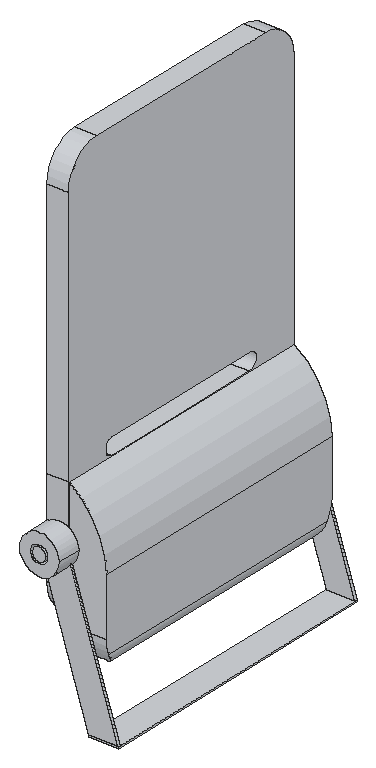
Revit family "2824069", category Generic Models, host Face, Revit 2018
Family settings
  Host = Face
  Can host rebar = No
  Round Connector Dimension = Use Diameter
  Part Type = Normal
  OmniClass Number = 23.80.70.00
  OmniClass Title = Lighting
  Cut with Voids When Loaded = No
  Shared = No
  Room Calculation Point = No
Parameters (values of type "Type Name")
  rotation axis = 142.4 mm
  bracket width = 288 mm
  URL = "http://www.sylvania-lighting.com"
  Type Image = <None>
  Type Comments = "n/a"
  Material_3_SYL = none
  Model = ""
  Manufacturer = "Feilo Sylvania"
  Keynote = ""
  Material_2_SYL = none
  Height = 157.859 mm
  Description = ""
  Default Elevation = 1219.2 mm
  Cost = 0
  Material_1_SYL = none
  Bracket Height = 195 mm
  Assembly Code = ""
  Material_4_SYL = none
Reference planes
  plane 1 "Center (Front/Back)": y = 0
  plane 2: z = 0
  plane 3 "Center (Left/Right)": x = 0
  plane 4: x = -16.5
  plane 5: x = 16.5
  plane 6: z = 155
  plane 7: x = -51.5
  plane 8: z = 137
  plane 9 "Rotation Axis": z = 142.4
  plane 10: z = 152.35
  plane 11: z = 195
  plane 12: x = -73.847
  plane 13: y = -187
  plane 14: y = 187
  plane 15: y = -160
  plane 16: y = 169
  plane 17: y = -169
  plane 18: through (-72.693, -4572, 174.07) normal (-0.3105, 0, 0.9506)
  plane 19: through (-63.557, -4572, 193.954) normal (0.9506, 0, 0.3105)
  plane 20: y = 162
  plane 21: z = 65
Forms (mm)
  Extrusion 1, solid, detail levels medium+fine
    sketch origin (0, 0, 0) x (1, 0, 0) y (0, 1, 0)
      loop
        line (-16.5, 169) -> (-16.5, -169) -> (16.5, -169) -> (16.5, 169) -> (-16.5, 169)
    from 0 to 2
  Extrusion 2, solid, detail levels medium+fine
    sketch origin (1524, -349.9, 1220.035) x (1, 0, 0) y (0, 0, 1)
      loop
        line (-1540.496, -1218.035) -> (-1507.966, -1218.035) -> (-1567.674, -1035.217)
        arc (-1567.674, -1035.217) -> (-1587.557, -1026.081) -> (-1596.693, -1045.965) r 15.473
        line (-1596.693, -1045.965) -> (-1540.496, -1218.035)
    from -180.9 to -182.9
  Extrusion 3, solid, detail levels medium+fine
    sketch origin (0, 0, 0.069) x (1, 0, 0) y (0, 0, 1)
      loop
        line (-16.39, 1.931) -> (16.139, 1.931) -> (-43.636, 184.958)
        arc (-43.636, 184.958) -> (-63.457, 193.922) -> (-72.656, 174.21) r 15.474
        line (-72.656, 174.21) -> (-16.39, 1.931)
    from -169 to -167
  Extrusion 4, solid, detail levels medium+fine
    sketch origin (-6.388, 0, 36.204) x (1, 0, 0) y (0, 0, 1)
      loop
        circle (-51.99, 142.374) r 22.5
    from -162 to -187
  Extrusion 5, solid, detail levels medium+fine
    sketch origin (-6.358, 0, 36.195) x (1, 0, 0) y (0, 0, 1)
      loop
        circle (-51.99, 142.374) r 22.5
    from 160 to 187
  Extrusion 6, void
    sketch origin (-6.256, 0, 44.074) x (1, 0, 0) y (0, 0, 1)
      loop
        circle (-52.373, 134.652) r 10
    from 169 to 187
  Extrusion 7, solid, detail levels fine
    sketch origin (-6.561, 0, 36.201) x (1, 0, 0) y (0, 0, 1)
      loop
        circle (-51.99, 142.374) r 7.5
    from 169 to 187
  Extrusion 8, void
    sketch origin (1517.357, -324.9, 1255.472) x (1, 0, 0) y (0, 0, 1)
      loop
        circle (-1575.99, -1076.826) r 10
    from -511.9 to -493.9
  Extrusion 9, solid, detail levels fine
    sketch origin (1517.42, -324.9, 1255.374) x (1, 0, 0) y (0, 0, 1)
      loop
        circle (-1575.99, -1076.826) r 7.5
    from -511.9 to -493.9
  Revolve 10, solid, not visible, detail levels coarse
    sketch origin (-58.257, 1528.788, 1255.151) x (0, 1, 0) y (0, 0, 1)
      loop
        line (-1362.428, -1054.349) -> (-1379.437, -1054.349) -> (-1379.437, -1074.349) -> (-1362.428, -1074.349) -> (-1362.428, -1054.349)
      axis (-1362.428, -1076.8) -> (-1379.437, -1076.8)
    angle from 0 to 180
Cuts and joins
  Extrusion 6 cuts Extrusion 5
  Extrusion 8 cuts Extrusion 4
Dimensions and locks
  "Bracket Height": plane 11 to level
  plane 17 to plane 16 = 338 mm
  equal spacing: plane 17, plane 1 "Center (Front/Back)", plane 16
  plane 13 to cut or joined group of Extrusion 5, Extrusion 6 = 18 mm
  aligned and locked: plane 2 to host face
  aligned and locked: level to host face
Automatic sketch dimensions
  host sketch curve to host sketch curve = 2438.4 mm  (x2)
  Extrusion 1 sketch curve to plane 4 = 0 mm
  Extrusion 1 sketch curve to plane 5 = 0 mm
  Extrusion 4 sketch curve to plane 9 "Rotation Axis" = 36.178 mm
  Extrusion 5 sketch curve to plane 9 "Rotation Axis" = 36.169 mm
  Extrusion 6 sketch curve to plane 9 "Rotation Axis" = 36.326 mm
  Extrusion 7 sketch curve to plane 9 "Rotation Axis" = 36.175 mm
  Extrusion 8 sketch curve to plane 9 "Rotation Axis" = 36.246 mm
  Extrusion 9 sketch curve to plane 9 "Rotation Axis" = 36.148 mm
  Revolve 10 sketch curve to plane 9 "Rotation Axis" = 35.951 mm
  Revolve 10 sketch curve to Revolve 10 sketch curve = 17.009 mm
  Revolve 10 sketch curve to plane 9 "Rotation Axis" = 38.402 mm
  plane 6 to Revolve 10 sketch curve = 45.802 mm
  Revolve 10 sketch curve to Revolve 10 sketch curve = 62.43 mm
  Revolve 10 sketch curve to Revolve 10 sketch curve = 22.367 mm
  plane 12 to Extrusion 2 sketch curve = 1.154 mm
  plane 7 to Extrusion 2 sketch curve = 6.684 mm
  Extrusion 2 sketch curve to plane 7 = 7.826 mm
  plane 4 to Extrusion 2 sketch curve = 0.004 mm
  level to Extrusion 2 sketch curve = 2 mm
  plane 6 to Extrusion 2 sketch curve = 19.07 mm
  Extrusion 2 sketch curve to Extrusion 2 sketch curve = 5.374 mm
  Extrusion 2 sketch curve to plane 5 = 0.466 mm
  plane 12 to Extrusion 3 sketch curve = 1.191 mm
  plane 7 to Extrusion 3 sketch curve = 6.582 mm
  Extrusion 3 sketch curve to plane 7 = 7.864 mm
  plane 4 to Extrusion 3 sketch curve = 0.11 mm
  Extrusion 3 sketch curve to plane 5 = 0.361 mm
  level to Extrusion 3 sketch curve = 2 mm
  Extrusion 3 sketch curve to Extrusion 3 sketch curve = 5.202 mm
  Extrusion 3 sketch curve to plane 11 = 9.973 mm
  plane 7 to Extrusion 6 sketch curve = 7.13 mm
  plane 7 to Extrusion 7 sketch curve = 7.051 mm
  plane 7 to Extrusion 9 sketch curve = 7.07 mm
  plane 7 to Extrusion 4 sketch curve = 6.879 mm
  plane 7 to Extrusion 5 sketch curve = 6.848 mm
  plane 7 to Extrusion 8 sketch curve = 7.133 mm
  Extrusion 1 sketch curve to plane 16 = 0 mm
  Revolve 10 sketch curve to plane 20 = 12.649 mm
  Extrusion 1 sketch curve to plane 17 = 0 mm
  radius of Extrusion 4 sketch curve = 22.5 mm
  radius of Extrusion 5 sketch curve = 22.5 mm
  radius of Extrusion 6 sketch curve = 10 mm
  radius of Extrusion 7 sketch curve = 7.5 mm
  radius of Extrusion 8 sketch curve = 10 mm
  radius of Extrusion 9 sketch curve = 7.5 mm
Nested families
  nested 1: "2824069" at (-58.257, -68.124, 319.746) x (0, 1, 0) z (1, 0, 0), type "2824069 RAIDEN IP66 21KLM 840 NARROW"
    with built-in parameter 1114216 (empty or 0)
Definition of nested family "2824069"
  Parameters (values of type "2824069 RAIDEN IP66 21KLM 840 NARROW")
    height = 60 mm
    Width = 319 mm
    Wattage Comments = "n/a"
    Wattage = 9.2903 W
    built-in parameter 1150110 = 1 (stored number, unit not read)
    URL = "0.95"
    Type Image = (empty or 0)
    Type Comments = "n/a"
    built-in parameter 1114217 = 1 (stored number, unit not read)
    Tilt Angle = -90.00°
    built-in parameter 1150109 = 1 (stored number, unit not read)
    built-in parameter 1150134 = 3
    built-in parameter 1150113 = 1 (stored number, unit not read)
    Photometric Web File = "2824069.IES"
    Material_3_SYL = none
    Model = "Raiden IP66 21KLM 840 Symmetric Narrow"
    Manufacturer = ""
    built-in parameter 1150105 = 109.82 (stored number, unit not read)
    Lumens = 1380 lm
    built-in parameter 1150115 = 1 (stored number, unit not read)
    built-in parameter 1150137 = (empty or 0)
    built-in parameter 1150139 = (empty or 0)
    Length = 511 mm
    built-in parameter 1150112 = 1 (stored number, unit not read)
    built-in parameter 1150114 = 1 (stored number, unit not read)
    Lamp = "n/a"
    Keynote = "n/a"
    Material_2_SYL = none
    built-in parameter 1150132 = (empty or 0)
    built-in parameter 1150102 = (empty or 0)
    built-in parameter 1150107 = 3200 (stored number, unit not read)
    built-in parameter 1150138 = (empty or 0)
    built-in parameter 1150106 = 1.0982 (stored number, unit not read)
    Emit from Circle Diameter = 609.6 mm
    Emit Shape Visible in Rendering = no
    built-in parameter 1150104 = 13.8 (stored number, unit not read)
    Dimming Lamp Color Temperature Shift = (empty or 0)
    Description = "Outdoor and indoor floodlight range with in house design, comes complete with 1m flying lead and adjustable bracket, aluminium housing, RAL 9022 - Pearl light grey, clear glass diffuser, IP66, IK08, Class I, 4000K, Non-dimming, 21200lm, 157W, 135lm/W, CRI80, Symmetric Narrow  beam angle 25°, 100000 hrs L80B50 lifespan, 511x319x76mm (LxWxH) dimensions, 6.6kg weight."
    Default Elevation = 1219.2 mm
    Cost = 0
    Color Filter = 16777215
    built-in parameter 1114216 [instance] = (empty or 0)
    Material_1_SYL = none
    built-in parameter 1114218 = 1 (stored number, unit not read)
    built-in parameter 1150133 = 10 (stored number, unit not read)
    Assembly Code = "D5020200"
    Apparent Load = 157 VA
    Material_4_SYL = none
  Reference planes
    plane 1 "Center (Front/Back)": y = 2.5
    plane 2: z = 0.95
    plane 3 "Center (Left/Right)": x = 68.124
    plane 4: z = -14.05
    plane 5: z = 15.95
    plane 6: x = 227.624
    plane 7: z = 0.95
    plane 8: z = 45.95
    plane 9: x = -91.376
    plane 10: y = -253
    plane 11: y = 258
    plane 12: y = 5.117
    plane 13: y = -56
    plane 14: y = -49.461
    plane 15: x = 175.624
    plane 16: x = -39.376
    plane 17: x = 1.624
    plane 18: y = -226
    plane 19: y = 236
    plane 20: y = -76
    plane 21: y = -16
    plane 22: x = -67.376
    plane 23: y = -213
    plane 24: x = -51.376
    plane 25: x = 187.624
    plane 26: x = 227.624
    plane 27: x = 134.624
  Forms (mm)
    Extrusion 1, solid
      sketch origin (26.073, 0, 0.95) x (1, 0, 0) y (0, 1, 0)
        loop
          line (-1219.2, 1219.2) -> (-1219.2, -1219.2) -> (1219.2, -1219.2) -> (1219.2, 1219.2) -> (-1219.2, 1219.2)
      from 0 to -68.017
    Extrusion 2, solid, detail levels medium+fine
      sketch origin (83.124, -34.451, 0.95) x (1, 0, 0) y (0, 1, 0)
        loop
          line (-174.5, 253) -> (-174.5, -151.549)
          arc (-174.5, -151.549) -> (-162.784, -179.833) -> (-134.5, -191.549) r 40
          line (-134.5, -191.549) -> (104.5, -191.549)
          arc (104.5, -191.549) -> (132.784, -179.833) -> (144.5, -151.549) r 40
          line (144.5, -151.549) -> (144.5, 253)
          arc (144.5, 253) -> (132.784, 281.284) -> (104.5, 293) r 40
          line (104.5, 293) -> (-134.5, 293)
          arc (-134.5, 293) -> (-162.784, 281.284) -> (-174.5, 253) r 40
      from -15 to 9.702
    Extrusion 3, solid, detail levels medium+fine
      sketch origin (402.124, 1489.549, 1205.15) x (0, 1, 0) y (0, 0, 1)
        loop
          line (-1644.468, -1151.519) -> (-1728.014, -1151.519)
          arc (-1728.014, -1151.519) -> (-1739.904, -1157.404) -> (-1742.436, -1170.427) r 14.954
          line (-1742.436, -1170.427) -> (-1715.549, -1219.2) -> (-1565.549, -1219.2) -> (-1565.549, -1194.2)
          arc (-1565.549, -1194.2) -> (-1599.607, -1162.873) -> (-1644.468, -1151.519) r 94.303
      from -493.5 to -174.5
    Extrusion 4, void
      sketch origin (81.72, -11.578, 0.95) x (1, 0, 0) y (0, 1, 0)
        loop
          arc (-149.096, 10.578) -> (-144.703, -0.029) -> (-134.096, -4.422) r 15
          line (-134.096, -4.422) -> (106.904, -4.422)
          arc (106.904, -4.422) -> (117.51, -0.029) -> (121.904, 10.578) r 15
          line (121.904, 10.578) -> (121.904, 232.578)
          arc (121.904, 232.578) -> (117.51, 243.184) -> (106.904, 247.578) r 15
          line (106.904, 247.578) -> (-134.096, 247.578)
          arc (-134.096, 247.578) -> (-144.703, 243.184) -> (-149.096, 232.578) r 15
          line (-149.096, 232.578) -> (-149.096, 10.578)
      from -16.268 to -10.594
    Extrusion 5, solid, detail levels fine
      sketch origin (83.124, 0.218, 0.95) x (1, 0, 0) y (0, 1, 0)
        loop
          arc (-135.5, 235.782) -> (-146.107, 231.388) -> (-150.5, 220.782) r 15
          line (-150.5, 220.782) -> (-150.5, -1.218)
          arc (-150.5, -1.218) -> (-146.107, -11.825) -> (-135.5, -16.218) r 15
          line (-135.5, -16.218) -> (105.5, -16.218)
          arc (105.5, -16.218) -> (116.107, -11.825) -> (120.5, -1.218) r 15
          line (120.5, -1.218) -> (120.5, 220.782)
          arc (120.5, 220.782) -> (116.107, 231.388) -> (105.5, 235.782) r 15
          line (105.5, 235.782) -> (-135.5, 235.782)
      from -12.231 to -10.594
    Extrusion 6, void
      sketch origin (59.01, -67.578, 0.95) x (1, 0, 0) y (0, 1, 0)
        loop
          arc (106.512, -8.423) -> (116.512, 1.577) -> (106.512, 11.577) r 10
          line (106.512, 11.577) -> (-88.339, 11.577)
          arc (-88.339, 11.577) -> (-98.339, 1.577) -> (-88.339, -8.423) r 10
          line (-88.339, -8.423) -> (106.512, -8.423)
      from -18.734 to 12.525
    Extrusion 7, void
      sketch origin (68.124, -34.451, 0) x (0, 1, 0) y (0, 0, 1)
        loop
          line (-253.049, 15.95) -> (-253.049, -34.125) -> (-191.549, -30.902) -> (-191.549, 15.95) -> (-253.049, 15.95)
      from 66.5 to 210.265
    Extrusion 8, void
      sketch origin (68.124, -34.451, 0) x (0, 1, 0) y (0, 0, 1)
        loop
          line (-191.549, 15.95) -> (-275.432, 15.95) -> (-275.432, -28.004) -> (-191.549, -28.004) -> (-191.549, 15.95)
      from -190.34 to -66.5
    Extrusion 9, void
      sketch origin (23.624, -126, 0.95) x (1, 0, 0) y (0, 1, 0)
        loop
          line (-115, -60) -> (-115, -100) -> (-75, -100)
          arc (-75, -100) -> (-103.284, -88.284) -> (-115, -60) r 40
      from -22.043 to 15
    Extrusion 10, void
      sketch origin (91.954, 19.065, 0.95) x (1, 0, 0) y (0, 1, 0)
        loop
          line (95.67, -245.065) -> (135.67, -245.065) -> (135.67, -205.065)
          arc (135.67, -205.065) -> (123.954, -233.349) -> (95.67, -245.065) r 40
      from -24.354 to 15
    Extrusion 11, solid, detail levels medium+fine
      sketch origin (1607.216, -359.351, 1205.129) x (1, 0, 0) y (0, 0, 1)
        loop
          circle (-1419.5, -1204.2) r 11
      from -136.15 to -106.464
    Extrusion 12, void
      sketch origin (0, 0, 0.95) x (1, 0, 0) y (0, 1, 0)
        loop
          line (-91.376, -186) -> (-91.376, -226) -> (-51.376, -226)
          arc (-51.376, -226) -> (-79.66, -214.284) -> (-91.376, -186) r 40
      from 0 to 12.525
    Extrusion 13, void
      sketch origin (0, 0, 0.95) x (1, 0, 0) y (0, 1, 0)
        loop
          line (-91.376, -221) -> (-91.376, -261) -> (-51.376, -261)
          arc (-51.376, -261) -> (-79.66, -249.284) -> (-91.376, -221) r 40
      from 0 to 100
    Extrusion 14, void
      sketch origin (0, 0, 0.95) x (1, 0, 0) y (0, 1, 0)
        loop
          arc (227.624, -215.988) -> (215.905, -244.281) -> (187.612, -256) r 40.012
          line (187.612, -256) -> (227.624, -256) -> (227.624, -215.988)
      from 12.525 to 100
    Extrusion 15, solid, detail levels coarse
      sketch origin (0, 0, 0.95) x (1, 0, 0) y (0, 1, 0)
        loop
          line (-91.376, 258.549) -> (-91.376, -252.887) -> (227.624, -252.887) -> (227.624, 258.549) -> (-91.376, 258.549)
      from -15 to 52.681
  Cuts and joins
    Extrusion 4, Extrusion 6, Extrusion 7, Extrusion 8, Extrusion 9, Extrusion 10, Extrusion 12 cuts Extrusion 2
    Extrusion 6, Extrusion 7, Extrusion 8, Extrusion 9, Extrusion 10, Extrusion 12, Extrusion 13, Extrusion 14 cuts Extrusion 3
    Extrusion 14 cuts Extrusion 11
  Dimensions and locks
    "height": plane 4 to plane 8
    "Width": plane 9 to plane 6
    equal spacing: plane 9, plane 3 "Center (Left/Right)", plane 6
    equal spacing: plane 11, plane 1 "Center (Front/Back)", plane 10
    "Length": plane 11 to plane 10
    aligned and locked: plane 2 to Extrusion 1
    aligned and locked: level to Extrusion 1
  Automatic sketch dimensions
    Extrusion 1 sketch curve to Extrusion 1 sketch curve = 2438.4 mm  (x2)
    Extrusion 4 sketch curve to plane 3 "Center (Left/Right)" = 135.5 mm
    Extrusion 4 sketch curve to Extrusion 4 sketch curve = 15 mm  (x3)
    plane 1 "Center (Front/Back)" to Extrusion 4 sketch curve = 18.5 mm
    Extrusion 4 sketch curve to Extrusion 4 sketch curve = 222 mm
    Extrusion 5 sketch curve to plane 3 "Center (Left/Right)" = 135.5 mm
    Extrusion 5 sketch curve to Extrusion 5 sketch curve = 15 mm  (x2)
    plane 1 "Center (Front/Back)" to Extrusion 5 sketch curve = 18.5 mm
    Extrusion 5 sketch curve to Extrusion 5 sketch curve = 222 mm
    Extrusion 7 sketch curve to plane 5 = 0 mm
    Extrusion 7 sketch curve to plane 4 = 16.852 mm
    Extrusion 7 sketch curve to plane 4 = 20.075 mm
    Extrusion 8 sketch curve to plane 5 = 0 mm
    Extrusion 8 sketch curve to plane 4 = 13.954 mm
    Extrusion 8 sketch curve to Extrusion 8 sketch curve = 83.883 mm
    Extrusion 9 sketch curve to plane 3 "Center (Left/Right)" = 159.5 mm
    Extrusion 9 sketch curve to Extrusion 9 sketch curve = 40 mm
    Extrusion 10 sketch curve to plane 6 = 0 mm
    Extrusion 11 sketch curve to level = 0.021 mm
    Extrusion 4 sketch curve to plane 6 = 39 mm  (x2)
    Extrusion 5 sketch curve to plane 6 = 39 mm  (x2)
    Extrusion 5 sketch curve to plane 6 = 24 mm
    Extrusion 10 sketch curve to Extrusion 10 sketch curve = 40 mm
    Extrusion 11 sketch curve to plane 6 = 39.908 mm
    Extrusion 2 sketch curve to plane 9 = 0 mm
    Extrusion 2 sketch curve to plane 6 = 0 mm
    plane 10 to Extrusion 2 sketch curve = 27 mm
    plane 9 to Extrusion 2 sketch curve = 40 mm  (x2)
    Extrusion 2 sketch curve to plane 11 = 39.451 mm  (x2)
    Extrusion 2 sketch curve to plane 6 = 40 mm
    Extrusion 12 sketch curve to plane 9 = 0 mm
    Extrusion 12 sketch curve to plane 18 = 0 mm
    plane 22 to Extrusion 12 sketch curve = 16 mm
    Extrusion 13 sketch curve to plane 9 = 0 mm
    Extrusion 13 sketch curve to plane 24 = 0 mm
    Extrusion 13 sketch curve to plane 23 = 8 mm
    Extrusion 13 sketch curve to plane 10 = 8 mm
    Extrusion 14 sketch curve to plane 25 = 0.012 mm
    Extrusion 14 sketch curve to plane 6 = 0 mm
    Extrusion 14 sketch curve to plane 23 = 2.988 mm
    Extrusion 14 sketch curve to plane 10 = 3 mm
    Extrusion 7 sketch curve to plane 18 = 0 mm
    Extrusion 7 sketch curve to plane 10 = 34.5 mm
    Extrusion 8 sketch curve to plane 18 = 0 mm
    Extrusion 9 sketch curve to plane 18 = 0 mm
    Extrusion 10 sketch curve to plane 18 = 0 mm
    Extrusion 6 sketch curve to plane 13 = 0.001 mm
    Extrusion 6 sketch curve to plane 20 = 0.001 mm
    plane 16 to Extrusion 6 sketch curve = 10.047 mm
    Extrusion 6 sketch curve to plane 15 = 10.102 mm
    Extrusion 3 sketch curve to plane 4 = 0 mm
    Extrusion 3 sketch curve to plane 18 = 0 mm
    Extrusion 3 sketch curve to plane 20 = 0 mm
    plane 10 to Extrusion 3 sketch curve = 14.535 mm
    plane 10 to Extrusion 3 sketch curve = 0.113 mm
    Extrusion 3 sketch curve to plane 4 = 26.622 mm
    Extrusion 3 sketch curve to plane 8 = 11.227 mm
    Extrusion 3 sketch curve to plane 8 = 7.273 mm
    Extrusion 3 sketch curve to plane 5 = 5 mm
    Extrusion 15 sketch curve to plane 9 = 0 mm
    Extrusion 15 sketch curve to plane 6 = 0 mm
    plane 11 to Extrusion 15 sketch curve = 0.549 mm
    plane 10 to Extrusion 15 sketch curve = 0.113 mm
    radius of Extrusion 11 sketch curve = 11 mm
  Connectors
    electrical at (187.716, -252.887, 0.929)
      settings: on Extrusion 11, index 1, voltage 0 V, apparent load 0 VA, apparent load phase1 0 VA, apparent load phase2 0 VA, apparent load phase3 0 VA, power factor 1, load classification none, number of poles 1, system type 31, power factor state 1, is connector primary yes, connector utility no, sub classification motor no, connector description ""
